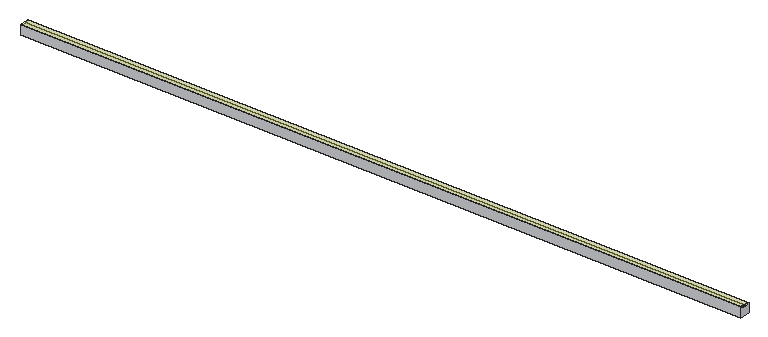
Revit family "MR_ОсветительныйПрибор_Liniled", category Осветительные приборы, Revit 2020
Family settings
  Размер круглого соединителя = Использовать диаметр
  Тип детали = Нормальный
  На основе рабочей плоскости = Да
  Всегда вертикально = Нет
  При загрузке вырезать с полостями = Нет
  Источник света = Да
  Общий = Да
  Точка расчета площади = Нет
Parameters (values of type "Liniled_Side_1000mm_3000k")
  built-in parameter 1150104 = 13.8 (stored number, unit not read)
  built-in parameter 1150134 = (empty or 0)
  Файл фотометрической сетки = "P65696000WW_1000mm.ies"
  Tilt Angle = 90.00°
  built-in parameter 1150137 = (empty or 0)
  built-in parameter 1150132 = 2
  built-in parameter 1150114 = 1 (stored number, unit not read)
  Dimming Lamp Color Temperature Shift = (empty or 0)
  built-in parameter 1150105 = 344.61 (stored number, unit not read)
  Color Filter = 16777215
  Lumens = 510 lm
  Самосветящий материал = Источник света по умолчанию
  built-in parameter 1150109 = 1 (stored number, unit not read)
  built-in parameter 1150112 = 1 (stored number, unit not read)
  built-in parameter 1150110 = 1 (stored number, unit not read)
  built-in parameter 1150113 = 1 (stored number, unit not read)
  built-in parameter 1150115 = 1 (stored number, unit not read)
  built-in parameter 1114218 = 1 (stored number, unit not read)
  built-in parameter 1114217 = 1 (stored number, unit not read)
  Apparent Load = ADSK_Номинальная мощность / ADSK_Коэффициент мощности  # 10.8163 VA
  Default Elevation = 1219.2 mm
  built-in parameter 1150106 = 3.4461 (stored number, unit not read)
  Description = "Liniled"  # constant formula
  built-in parameter 1150133 = 10 (stored number, unit not read)
  Wattage = 3.43337 W
  built-in parameter 1150139 = (empty or 0)
  Климатическая зона = ""
  Класс Защиты = "III"  # constant formula
  built-in parameter 1150138 = (empty or 0)
  built-in parameter 1150107 = 3000 (stored number, unit not read)
  built-in parameter 1150102 = (empty or 0)
  Emit from Rectangle Width = ADSK_Размер_Длина  # 1000 mm
  Emit from Rectangle Length = 12 mm
  Model = "Liniled"  # constant formula
  Видимая форма излучения при визуализации = yes
  IP Class = "IP67"  # constant formula
  ADSK_Этаж = ""
  ADSK_Ток = ADSK_Номинальная мощность / (ADSK_Коэффициент мощности * ADSK_Напряжение * sqrt(ADSK_Количество фаз числовое))  # 0.45068 A
  ADSK_Размер_Длина = 1000 mm
  ADSK_Примечание = ""
  ADSK_Полная мощность = ADSK_Номинальная мощность / ADSK_Коэффициент мощности  # 10.8163 VA
  ADSK_Позиция = ""
  ADSK_Номинальная мощность = 10.6 W
  ADSK_Напряжение = 24 V
  ADSK_Наименование = "Liniled_Side_1000mm_3000k"
  ADSK_Материал = none
  ADSK_Масса = 0
  ADSK_Марка = ""
  ADSK_Коэффициент мощности = 0.98
  ADSK_Количество фаз числовое = 1
  ADSK_Количество фаз = 1
  ADSK_Количество = 1  # constant formula
  ADSK_Код изделия = "P65696000WW(1000mm)"
  ADSK_Классификация нагрузок = Освещение
  ADSK_Завод-изготовитель = "MartiniRUS"  # constant formula
  ADSK_Единица измерения = "шт."  # constant formula
  ADSK_Группирование = "Наружное освещение_светильник"
  ADSK_URL страницы изделия = "https://martinirus.ru/products/outdoor/liniled"
Types (5, lengths in mm): name | Файл фотометрической сетки | built-in parameter 1150105 | Lumens | Apparent Load | built-in parameter 1150106 | Wattage | Emit from Rectangle Width | ADSK_Ток | ADSK_Размер_Длина | ADSK_Полная мощность | ADSK_Номинальная мощность | ADSK_Наименование | ADSK_Код изделия
  (no name) | "P65696000WW_1000mm.ies" | 344.61 (stored number, unit not read) | 510 lm | 10.8163 VA | 3.4461 (stored number, unit not read) | 3.43337 W | 1000 | 0.45068 A | 1000 | 10.8163 VA | 10.6 W | "Liniled_Side_1000mm_3000k" | "P65696000WW(1000mm)"
  Liniled_Side_1000mm_3000k | "P65696000WW_1000mm.ies" | 344.61 (stored number, unit not read) | 510 lm | 10.8163 VA | 3.4461 (stored number, unit not read) | 3.43337 W | 1000 | 0.45068 A | 1000 | 10.8163 VA | 10.6 W | "Liniled_Side_1000mm_3000k" | "P65696000WW(1000mm)"
  Liniled_Side_500mm_3000k | "P65696000WW_500mm.ies" | 172.31 (stored number, unit not read) | 255 lm | 5.40816 VA | 1.723 (stored number, unit not read) | 1.71669 W | 500 | 0.22534 A | 500 | 5.40816 VA | 5.3 W | "Liniled_Side_500mm_3000k" | "P65696000WW(500mm)"
  Liniled_Side_100mm_3000k | "P65696000WW_100mm.ies" | 68.922 (stored number, unit not read) | 51 lm | 1.08163 VA | 0.68922 (stored number, unit not read) | 0.343337 W | 100 | 0.045068 A | 100 | 1.08163 VA | 1.06 W | "Liniled_Side_100mm_3000k" | "P65696000WW(100mm)"
  Liniled_Side_50mm_3000k | "P65696000WW_50mm.ies" | 175.68 (stored number, unit not read) | 26 lm | 0.540816 VA | 1.7568 (stored number, unit not read) | 0.175035 W | 50 | 0.022534 A | 50 | 0.540816 VA | 0.53 W | "Liniled_Side_50mm_3000k" | "P65696000WW(50mm)"
Reference planes
  plane 1 "По центру (Вперед/Назад)": y = 0
  plane 2: z = 0
  plane 3 "По центру (Влево/Вправо)": x = 0
  plane 4: x = -500
  plane 5: x = 500
Forms (mm)
  Extrusion 1, solid, material <- "ADSK_Материал"
    sketch origin (0, 0, 0) x (0, 1, 0) y (0, 0, 1)
      loop
        line (6.5, 0) -> (6.5, 13) -> (4.005, 10.505) -> (-4.005, 10.505) -> (-6.5, 13) -> (-6.5, 0) -> (6.5, 0)
    from -500 to 500
  Extrusion 2, solid, material "Источник света по умолчанию" <- "Самосветящий материал"
    sketch origin (0, 0, 0) x (0, 1, 0) y (0, 0, 1)
      loop
        line (6.5, 13) -> (-6.5, 13) -> (-4.005, 10.505) -> (4.005, 10.505) -> (6.5, 13)
    from -500 to 500
Dimensions and locks
  equal spacing: plane 4, plane 3 "По центру (Влево/Вправо)", plane 5
  "ADSK_Размер_Длина": plane 4 to plane 5
  aligned and locked: level to plane 2
  aligned and locked: Extrusion 2 to plane 5
  aligned and locked: Extrusion 1 to plane 5
  aligned and locked: Extrusion 2 to plane 4
  aligned and locked: Extrusion 1 to plane 4
Automatic sketch dimensions
  Extrusion 1 sketch curve to level = 0 mm
  plane 1 "По центру (Вперед/Назад)" to Extrusion 1 sketch curve = 6.5 mm
  Extrusion 1 sketch curve to Extrusion 1 sketch curve = 2.495 mm  (x4)
  Extrusion 1 sketch curve to plane 1 "По центру (Вперед/Назад)" = 4.005 mm
  level to Extrusion 1 sketch curve = 10.505 mm
  plane 1 "По центру (Вперед/Назад)" to Extrusion 2 sketch curve = 6.5 mm
  Extrusion 2 sketch curve to Extrusion 2 sketch curve = 2.495 mm  (x3)
  Extrusion 2 sketch curve to plane 1 "По центру (Вперед/Назад)" = 4.005 mm
  level to Extrusion 2 sketch curve = 10.505 mm
Connectors
  electrical at (0, 0, 0), driven by "ADSK_Количество фаз", driven by "ADSK_Классификация нагрузок", driven by "ADSK_Напряжение", driven by "ADSK_Полная мощность", driven by "ADSK_Коэффициент мощности"
    settings: index 1, voltage 24 V, apparent load 0 VA, apparent load phase1 10.8163 VA, apparent load phase2 0 VA, apparent load phase3 0 VA, power factor 0.98, load classification "Освещение", number of poles 1, system type 31, power factor state 1, is connector primary yes, connector utility no, sub classification motor no, connector description ""
